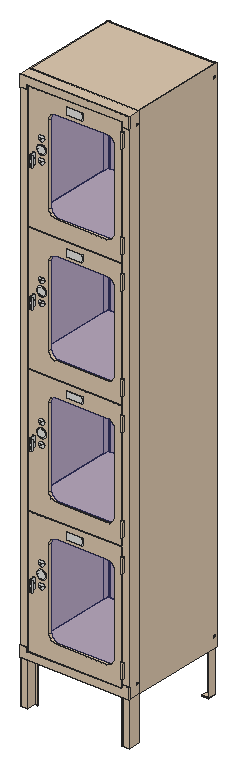
Revit family "Metal_See_Through_Lockers-Salsbury_Industries-S_54000_Series-1_Wide_Units", category Specialty Equipment, Revit 2016 (continued)
Definition of nested family "See-Through Metal Locker Doors-15 inch with Latch Hasps"
  Forms (in)
    Blend 5, solid, material <- "Hasp Plate Rivet Material", visible <- "Visible", detail levels medium+fine
      base sketch origin (0, -0.175, 0) x (1, 0, 0) y (0, 0, 1)
        loop
          circle (-4.576, 8.68) r 0.375
      top sketch origin (0, -0.175, 0) x (1, 0, 0) y (0, 0, 1)
        loop
          circle (-4.576, 8.68) r 0.09706
      from 0 to 0.03497
    Blend 6, solid, material <- "Hasp Plate Rivet Material", visible <- "Visible", detail levels medium+fine
      base sketch origin (0, -0.175, 2.83682) x (1, 0, 0) y (0, 0, 1)
        loop
          circle (-4.576, 8.68) r 0.375
      top sketch origin (0, -0.175, 2.83682) x (1, 0, 0) y (0, 0, 1)
        loop
          circle (-4.576, 8.68) r 0.09706
      from 0 to 0.03497
    Blend 7, solid, material <- "Hasp Plate Rivet Material", visible <- "Visible", detail levels medium+fine
      base sketch origin (0, -0.175, -0.16841) x (1, 0, 0) y (0, 0, 1)
        loop
          circle (-4.576, 10.26682) r 0.625
      top sketch origin (0, -0.175, -0.16841) x (1, 0, 0) y (0, 0, 1)
        loop
          circle (-4.576, 10.26682) r 0.58088
      from 0 to 0.03497
    Extrusion 8, solid, material <- "Hasp Plate Rivet Material", visible <- "Visible", detail levels medium+fine
      sketch origin (0, 0, 7.961) x (0, -1, 0) y (1, 0, 0)
        loop
          line (-0.175, -5.57527) -> (-0.175, -5.63777) -> (0.925, -5.63777)
          arc (0.925, -5.63777) -> (0.96919, -5.61946) -> (0.9875, -5.57527) r 0.0625
          line (0.9875, -5.57527) -> (0.9875, -5.26277) -> (0.93079, -5.26277) -> (0.93079, -5.5127)
          arc (0.93079, -5.5127) -> (0.91246, -5.55694) -> (0.86822, -5.57527) r 0.06257
          line (0.86822, -5.57527) -> (-0.175, -5.57527)
      from 0 to 1.438
    Extrusion 9, solid, material <- "Hasp Plate Rivet Material", visible <- "Visible", detail levels medium+fine
      sketch origin (0, 0, 7.961) x (0, -1, 0) y (1, 0, 0)
        loop
          line (-0.175, -5.70027) -> (0.9875, -5.70027) -> (0.9875, -5.63777) -> (-0.175, -5.63777) -> (-0.175, -5.70027)
      from 0 to 1.438
    Extrusion 10, void
      sketch origin (-5.513, 0, 0) x (0, 0, -1) y (0, -1, 0)
        loop
          circle (-8.68, 0.54719) r 0.375
      from 0 to 0.25
    Extrusion 11, solid, material <- "Window Panel"
      sketch origin (0, 0.175, 0) x (1, 0, 0) y (0, 0, 1)
        loop
          line (-3.7995, 15.43) -> (-3.7995, 1.93) -> (5.7005, 1.93) -> (5.7005, 15.43) -> (-3.7995, 15.43)
      from 0 to -0.25
    Extrusion 12, solid, material <- "Hasp Plate Rivet Material", detail levels medium+fine
      sketch origin (0, -0.175, 0) x (1, 0, 0) y (0, 0, 1)
        loop
          arc (-1.10309, 16.58622) -> (-1.12922, 16.12349) -> (-1.10309, 15.66075) r 4.11054
          arc (-1.10309, 15.66075) -> (-0.03462, 15.622) -> (1.03385, 15.66075) r 14.75
          arc (1.03385, 15.66075) -> (1.05998, 16.12349) -> (1.03385, 16.58622) r 4.11054
          arc (1.03385, 16.58622) -> (-0.03462, 16.6263) -> (-1.10309, 16.58622) r 14.26256
      from 0 to 0.03497
  Cuts and joins
    Extrusion 4 cuts Extrusion 1
    Extrusion 10 cuts Extrusion 8
    Extrusion 10 cuts Extrusion 9
  Lines and regions (in)
    symbolic lines
      curve 1: line (-6.4505, 0.175, 17.36) -> (6.4505, 0.175, 17.36)
      curve 2: line (-6.4505, 0.175, 0) -> (-6.4505, 0.175, 17.36)
      curve 3: line (6.4505, 0.175, 0) -> (-6.4505, 0.175, 0)
      curve 4: line (6.4505, 0.175, 17.36) -> (6.4505, 0.175, 0)
      curve 5: line (-2.5495, 0.175, 15.18) -> (4.4505, 0.175, 15.18)
      curve 6: line (5.4505, 0.175, 14.18) -> (5.4505, 0.175, 3.18)
      curve 7: line (4.4505, 0.175, 2.18) -> (-2.5495, 0.175, 2.18)
      curve 8: line (-3.5495, 0.175, 3.18) -> (-3.5495, 0.175, 14.18)
      curve 9: arc (-2.5495, 0.175, 2.18) -> (-3.25661, 0.175, 2.47289) -> (-3.5495, 0.175, 3.18) r 1
      curve 10: arc (4.4505, 0.175, 2.18) -> (5.15761, 0.175, 2.47289) -> (5.4505, 0.175, 3.18) r 1
      curve 11: arc (5.4505, 0.175, 14.18) -> (5.15761, 0.175, 14.88711) -> (4.4505, 0.175, 15.18) r 1
      curve 12: arc (-3.5495, 0.175, 14.18) -> (-3.25661, 0.175, 14.88711) -> (-2.5495, 0.175, 15.18) r 1
      curve 13: circle (-4.576, 0.175, 11.51682) r 0.375 normal (0, -1, 0)
      curve 14: circle (-4.576, 0.175, 8.68) r 0.375 normal (0, -1, 0)
      curve 15: circle (-4.576, 0.175, 10.09841) r 0.625 normal (0, -1, 0)
      curve 16: line (-5.763, 0.175, 9.399) -> (-5.26277, 0.175, 9.399)
      curve 17: line (-5.763, 0.175, 7.961) -> (-5.763, 0.175, 9.399)
      curve 18: line (-5.26277, 0.175, 7.961) -> (-5.763, 0.175, 7.961)
      curve 19: line (-5.26277, 0.175, 9.399) -> (-5.26277, 0.175, 7.961)
      curve 20: line (-5.70027, 0.175, 9.399) -> (-5.70027, 0.175, 7.961)
      curve 21: line (-5.70027, -0.175, 0) -> (-5.63777, -0.175, 0)
      curve 22: line (-5.70027, -0.9875, 0) -> (-5.70027, -0.175, 0)
      curve 23: line (-5.63777, -0.9875, 0) -> (-5.70027, -0.9875, 0)
      curve 24: line (-5.63777, -0.175, 0) -> (-5.63777, -0.9875, 0)
      curve 25: line (-5.57527, -0.17219, 0) -> (-5.57527, -0.86822, 0)
      curve 26: line (-5.5127, -0.93079, 0) -> (-5.26277, -0.93079, 0)
      curve 27: line (-5.26277, -0.93079, 0) -> (-5.26277, -0.9875, 0)
      curve 28: line (-5.26277, -0.9875, 0) -> (-5.57527, -0.9875, 0)
      curve 29: arc (-5.5127, -0.93079, 0) -> (-5.55694, -0.91246, 0) -> (-5.57527, -0.86822, 0) r 0.06257
      curve 30: arc (-5.57527, -0.9875, 0) -> (-5.61946, -0.96919, 0) -> (-5.63777, -0.925, 0) r 0.0625
      curve 31: line (-5.513, -0.9875, 9.399) -> (-5.513, -0.175, 9.399)
      curve 32: line (-5.513, -0.9875, 7.961) -> (-5.513, -0.9875, 9.399)
      curve 33: line (-5.513, -0.175, 7.961) -> (-5.513, -0.9875, 7.961)
      curve 34: line (-5.513, -0.175, 9.399) -> (-5.513, -0.175, 7.961)
      curve 35: circle (-5.513, -0.54225, 8.68) r 0.37994 normal (-1, 0, 0)
  Dimensions and locks (in)
    equal spacing: plane 5 "Top of Door", plane 4 "Center (Top/Bottom)", plane 2 "Bottom of Door"
    "Height": plane 5 "Top of Door" to plane 2 "Bottom of Door"
    equal spacing: plane 8 "Front of Door", plane 1 "Center (Front/Back)", plane 9 "Back of Door"
    "Depth": plane 8 "Front of Door" to plane 9 "Back of Door"
    equal spacing: plane 7 "Left Side of Door", plane 3 "Center (Left/Right)", plane 6 "Right Side of Door"
    "Width": plane 7 "Left Side of Door" to plane 6 "Right Side of Door"
    "Number Plate Alignment": plane 5 "Top of Door" to plane 10 "Top of Number Plate" to plane 18
    "Window Width": plane 15 "Left Side of Window Cut Out" to plane 16 "Right Side of Window Cut Out"
    "Top of Window Vertical Alignment": plane 5 "Top of Door" to plane 11 "Top of Window Cut Out"
    "Window Height": plane 11 "Top of Window Cut Out" to plane 12 "Bottom of Window Cut Out"
    plane 25 "Top Hasp Stud Align" to plane 24 "Center Hasp Stud Align" to plane 13 "Top of Hasp Alignment" to plane 4 "Center (Top/Bottom)" to plane 14 "Bottom of Hasp Alignment" = 1.41841", 0.69941", 0.719", 0.719"
    "Hasp Height": plane 13 "Top of Hasp Alignment" to plane 14 "Bottom of Hasp Alignment"
    locked: plane 17 "Front of Louvers" to plane 8 "Front of Door" at 0.1875
    "Hinge 1 Placement": plane 5 "Top of Door" to plane 21 "Top of Hinge 1"
    "Hinge 2 Placement": plane 5 "Top of Door" to plane 20 "Top of Hinge 2"
    plane 7 "Left Side of Door" to plane 22 "Left Hasp Hole Align" to plane 23 "Right Hasp Hole Align" to plane 26 "Vertical Hasp Stud Align" = 0.6875" locked, 0.250" locked, 0.937" locked
    equal spacing: plane 15 "Left Side of Window Cut Out", plane 28 "Center of Window", plane 16 "Right Side of Window Cut Out"
    locked: plane 16 "Right Side of Window Cut Out" to plane 6 "Right Side of Door" at 1
    plane 32 to plane 31 = 1.000"
    plane 29 to plane 30 = 1.000"
    plane 33 to plane 34 = 1.000"
    plane 35 to plane 36 = 1.000"
    locked: plane 12 "Bottom of Window Cut Out" to plane 39 "Bottom of Window" at 0.25
    locked: plane 37 "Left Side of Window" to plane 15 "Left Side of Window Cut Out" at 0.25
    locked: plane 16 "Right Side of Window Cut Out" to plane 38 "Right Side of Window" at 0.25
    locked: plane 40 "Top of Window" to plane 11 "Top of Window Cut Out" at 0.25
    plane 23 "Right Hasp Hole Align" to plane 41 = 0.25023"
    plane 22 "Left Hasp Hole Align" to plane 42 = 0.06273"
    plane 22 "Left Hasp Hole Align" to plane 27 "Vertical Center Hasp Align" = 0.12523"
    aligned and locked: level to plane 2 "Bottom of Door"
    aligned and locked: plane 5 "Top of Door" to Extrusion 1 sketch curve
    aligned and locked: Extrusion 1 sketch curve to plane 7 "Left Side of Door"
    aligned and locked: plane 2 "Bottom of Door" to Extrusion 1 sketch curve
    aligned and locked: plane 6 "Right Side of Door" to Extrusion 1 sketch curve
    aligned and locked: plane 13 "Top of Hasp Alignment" to Extrusion 4 sketch curve
    aligned and locked: Extrusion 4 sketch curve to plane 22 "Left Hasp Hole Align"
    aligned and locked: Extrusion 4 sketch curve to plane 14 "Bottom of Hasp Alignment"
    aligned and locked: plane 23 "Right Hasp Hole Align" to Extrusion 4 sketch curve
    aligned and locked: plane 25 "Top Hasp Stud Align" to Blend 6 sketch curve  (x2)
    aligned and locked: plane 4 "Center (Top/Bottom)" to Blend 5 sketch curve  (x2)
    aligned and locked: plane 24 "Center Hasp Stud Align" to Blend 7 sketch curve  (x2)
    aligned and locked: plane 27 "Vertical Center Hasp Align" to Extrusion 9 sketch curve
    aligned and locked: plane 27 "Vertical Center Hasp Align" to Extrusion 8 sketch curve
    aligned and locked: plane 4 "Center (Top/Bottom)" to Extrusion 10 sketch curve
    aligned and locked: plane 11 "Top of Window Cut Out" to plane 29
    aligned and locked: plane 12 "Bottom of Window Cut Out" to plane 31
    aligned and locked: plane 16 "Right Side of Window Cut Out" to plane 36
    aligned and locked: plane 15 "Left Side of Window Cut Out" to plane 33
    aligned and locked: Extrusion 1 sketch curve to plane 29
    aligned and locked: Extrusion 1 sketch curve to plane 30
    aligned and locked: Extrusion 1 sketch curve to plane 33
    aligned and locked: Extrusion 1 sketch curve to plane 34
    aligned and locked: plane 29 to Extrusion 1 sketch curve
    aligned and locked: plane 30 to Extrusion 1 sketch curve
    aligned and locked: Extrusion 1 sketch curve to plane 36
    aligned and locked: Extrusion 1 sketch curve to plane 35
    aligned and locked: Extrusion 1 sketch curve to plane 31
    aligned and locked: Extrusion 1 sketch curve to plane 32
    aligned and locked: plane 33 to Extrusion 1 sketch curve
    aligned and locked: plane 34 to Extrusion 1 sketch curve
    aligned and locked: plane 31 to Extrusion 1 sketch curve
    aligned and locked: plane 32 to Extrusion 1 sketch curve
    aligned and locked: plane 36 to Extrusion 1 sketch curve
    aligned and locked: plane 35 to Extrusion 1 sketch curve
    aligned and locked: cut or joined group of Extrusion 1, Extrusion 4 to plane 8 "Front of Door"
    aligned and locked: cut or joined group of Extrusion 1, Extrusion 4 to plane 9 "Back of Door"
    aligned and locked: plane 41 to cut or joined group of Extrusion 8, Extrusion 10
    aligned and locked: plane 42 to cut or joined group of Extrusion 9, Extrusion 10
    aligned and locked: plane 6 "Right Side of Door" to curve 4
    aligned and locked: plane 2 "Bottom of Door" to curve 3
    aligned and locked: curve 2 to plane 7 "Left Side of Door"
    aligned and locked: plane 5 "Top of Door" to curve 1
    aligned and locked: plane 11 "Top of Window Cut Out" to curve 5
    aligned and locked: curve 8 to plane 15 "Left Side of Window Cut Out"
    aligned and locked: plane 16 "Right Side of Window Cut Out" to curve 6
    aligned and locked: curve 7 to plane 12 "Bottom of Window Cut Out"
    aligned and locked: plane 41 to curve 19
    aligned and locked: curve 17 to plane 22 "Left Hasp Hole Align"
    aligned and locked: plane 13 "Top of Hasp Alignment" to curve 16
    aligned and locked: curve 18 to plane 14 "Bottom of Hasp Alignment"
    aligned and locked: plane 13 "Top of Hasp Alignment" to curve 20
    aligned and locked: plane 14 "Bottom of Hasp Alignment" to curve 20
    aligned and locked: plane 42 to curve 20
    aligned and locked: plane 8 "Front of Door" to curve 21
    aligned and locked: curve 22 to plane 42
    aligned and locked: plane 27 "Vertical Center Hasp Align" to curve 24
    aligned and locked: curve 25 to cut or joined group of Extrusion 8, Extrusion 10
    aligned and locked: curve 26 to cut or joined group of Extrusion 8, Extrusion 10
    aligned and locked: curve 27 to cut or joined group of Extrusion 8, Extrusion 10
    aligned and locked: curve 28 to cut or joined group of Extrusion 8, Extrusion 10
    aligned and locked: curve 34 to plane 8 "Front of Door"
    aligned and locked: curve 32 to cut or joined group of Extrusion 8, Extrusion 10
    aligned and locked: plane 13 "Top of Hasp Alignment" to curve 31
    aligned and locked: curve 33 to plane 14 "Bottom of Hasp Alignment"
  Automatic sketch dimensions
    Extrusion 2 sketch curve to plane 6 "Right Side of Door" = 0.000"
    plane 8 "Front of Door" to Extrusion 2 sketch curve = 0.000"
    Extrusion 2 sketch curve to plane 17 "Front of Louvers" = 0.0625"
    Extrusion 2 sketch curve to plane 6 "Right Side of Door" = 0.125"
    Extrusion 3 sketch curve to plane 6 "Right Side of Door" = 0.000"
    plane 8 "Front of Door" to Extrusion 3 sketch curve = 0.000"
    Extrusion 3 sketch curve to plane 17 "Front of Louvers" = 0.0625"
    Extrusion 3 sketch curve to plane 6 "Right Side of Door" = 0.125"
    plane 26 "Vertical Hasp Stud Align" to Blend 5 sketch curve = 0.000"  (x2)
    plane 26 "Vertical Hasp Stud Align" to Blend 6 sketch curve = 0.000"  (x2)
    Extrusion 8 sketch curve to plane 1 "Center (Front/Back)" = 0.175"
    plane 23 "Right Hasp Hole Align" to Extrusion 8 sketch curve = 0.06227"
    Extrusion 8 sketch curve to plane 23 "Right Hasp Hole Align" = 0.0003"
    plane 17 "Front of Louvers" to Extrusion 8 sketch curve = 0.50572"
    Extrusion 8 sketch curve to Extrusion 8 sketch curve = 0.05678"
    Extrusion 8 sketch curve to Extrusion 8 sketch curve = 0.24993"
    plane 9 "Back of Door" to Extrusion 9 sketch curve = 0.000"
    plane 17 "Front of Louvers" to Extrusion 9 sketch curve = 0.625"
    Extrusion 9 sketch curve to plane 22 "Left Hasp Hole Align" = 0.06273"
    Extrusion 8 sketch curve to Extrusion 8 sketch curve = 0.06257"
    plane 17 "Front of Louvers" to Extrusion 10 sketch curve = 0.18469"
    plane 26 "Vertical Hasp Stud Align" to Blend 7 sketch curve = 0.000"  (x2)
    plane 37 "Left Side of Window" to Extrusion 11 sketch curve = 0.000"
    plane 38 "Right Side of Window" to Extrusion 11 sketch curve = 0.000"
    Extrusion 11 sketch curve to plane 39 "Bottom of Window" = 0.000"
    plane 40 "Top of Window" to Extrusion 11 sketch curve = 0.000"
    plane 21 "Top of Hinge 1" to Extrusion 12 sketch curve = 0.11151"  (x2)
    Extrusion 12 sketch curve to plane 15 "Left Side of Window Cut Out" = 0.49894"
    Extrusion 12 sketch curve to plane 3 "Center (Left/Right)" = 0.03462"  (x2)
    Extrusion 12 sketch curve to plane 28 "Center of Window" = 2.03082"
    Extrusion 12 sketch curve to plane 12 "Bottom of Window Cut Out" = 0.18374"
    Extrusion 12 sketch curve to plane 5 "Top of Door" = 13.012"
    plane 10 "Top of Number Plate" to Extrusion 12 sketch curve = 0.03578"  (x2)
    Extrusion 12 sketch curve to plane 19 "Center Hasp" = 0.67241"
    Extrusion 12 sketch curve to plane 18 = 0.03875"
    curve 14 to plane 4 "Center (Top/Bottom)" = 0.000"
    plane 26 "Vertical Hasp Stud Align" to curve 14 = 0.000"
    curve 13 to plane 25 "Top Hasp Stud Align" = 0.000"
    plane 26 "Vertical Hasp Stud Align" to curve 13 = 0.000"
    curve 15 to plane 24 "Center Hasp Stud Align" = 0.000"
    plane 26 "Vertical Hasp Stud Align" to curve 15 = 0.000"
    plane 19 "Center Hasp" to curve 12 = 0.774"
    plane 20 "Top of Hinge 2" to curve 9 = 0.038"
    plane 11 "Top of Window Cut Out" to curve 11 = 1.000"
    plane 20 "Top of Hinge 2" to curve 10 = 0.038"
    curve 30 to curve 29 = 0.000"
    curve 29 to plane 23 "Right Hasp Hole Align" = 0.0003"
    curve 22 to curve 28 = 0.000"
    curve 25 to plane 8 "Front of Door" = 0.00281"
    plane 4 "Center (Top/Bottom)" to curve 35 = 0.000"
    plane 17 "Front of Louvers" to curve 35 = 0.17975"
    radius of Blend 5 sketch curve = 0.375"
    radius of Blend 5 sketch curve = 0.09706"
    radius of Blend 6 sketch curve = 0.375"
    radius of Blend 6 sketch curve = 0.09706"
    radius of Extrusion 10 sketch curve = 0.375"
    radius of Blend 7 sketch curve = 0.625"
    radius of Blend 7 sketch curve = 0.58088"
    radius of curve 13 = 0.375"
    radius of curve 14 = 0.375"
    radius of curve 15 = 0.625"
    radius of curve 35 = 0.37994"
Definition of nested family "Metal Locker Front Base"
  Parameters (values of type "77745 - for 15" W Lockers with Legs")
    Width = 13.040"
    Visible [instance] = yes
    Version = "1.0 (11/30/15)"
    Type Comments = "Front Base for Standard Metal Lockers"
    Primary Structure Material = none
    Model = "77745"
    MasterFormat Title = ""
    MasterFormat Number = ""
    Manufacturer = "Salsbury Industries"
    Description = "Front Base for 15\" Wide Lockers"
    Depth = 1.185"
    Height = 6.000"
    Assembly Code = ""
  Types (3): name | Width | Visible | Model | Description
    77742 - for 12" W Lockers with Legs | 10.040" | yes | "77742" | "Front Base for 12\" Wide Lockers"
    77745 - for 15" W Lockers with Legs | 13.040" | yes | "77745" | "Front Base for 15\" Wide Lockers"
    None | 10.040" | no | "77742" | "Front Base for 12\" Wide Lockers"
  Reference planes (in)
    plane 1 "Center (Front/Back)": y = -5.417
    plane 2: z = 0
    plane 3 "Center (Left/Right)": x = 0
    plane 4 "Floor": z = 0
    plane 5 "Top of Enclosure": z = 6
    plane 6 "Front of Enclosure": y = -6.005
    plane 7 "Right Side of Enclosure": x = 6.52
    plane 8 "Left Side of Enclosure": x = -6.52
    plane 9 "Back of Enclosure": y = -4.82
  Forms (in)
    Extrusion 1, solid, material <- "Primary Structure Material", visible <- "Visible"
      sketch origin (0, -6.005, 0) x (1, 0, 0) y (0, 0, 1)
        loop
          line (-6.52, 6) -> (-6.52, 0) -> (6.52, 0) -> (6.52, 6) -> (-6.52, 6)
      from -0.06 to 0
    Extrusion 2, solid, material <- "Primary Structure Material", visible <- "Visible"
      sketch origin (0, 0, 0) x (0, 1, 0) y (0, 0, 1)
        loop
          line (-5.945, 6) -> (-5.945, 5.94) -> (-4.82, 5.94) -> (-4.82, 6) -> (-5.945, 6)
      from -6.52 to 6.52
    Extrusion 3, solid, material <- "Primary Structure Material", visible <- "Visible"
      sketch origin (6.52, 0, 0) x (0, 0, -1) y (0, -1, 0)
        loop
          line (-5.75, 5.945) -> (-5.75, 4.82) -> (-0.25, 4.82) -> (-0.25, 5.945) -> (-5.75, 5.945)
      from 0 to 0.06
    Extrusion 4, solid, material <- "Primary Structure Material", visible <- "Visible"
      sketch origin (-6.52, 0, 0) x (0, 0, -1) y (0, -1, 0)
        loop
          line (-5.75, 5.945) -> (-5.75, 4.82) -> (-0.25, 4.82) -> (-0.25, 5.945) -> (-5.75, 5.945)
      from 0 to -0.06
  Dimensions and locks (in)
    "Height": plane 5 "Top of Enclosure" to plane 4 "Floor"
    plane 6 "Front of Enclosure" to plane 1 "Center (Front/Back)" = 0.588"
    "Depth": plane 6 "Front of Enclosure" to plane 9 "Back of Enclosure"
    equal spacing: plane 8 "Left Side of Enclosure", plane 3 "Center (Left/Right)", plane 7 "Right Side of Enclosure"
    "Width": plane 8 "Left Side of Enclosure" to plane 7 "Right Side of Enclosure"
    aligned and locked: level to plane 2
    aligned and locked: plane 8 "Left Side of Enclosure" to Extrusion 2
    aligned and locked: Extrusion 2 to plane 7 "Right Side of Enclosure"
    aligned and locked: Extrusion 1 to plane 7 "Right Side of Enclosure"
  Automatic sketch dimensions
    Extrusion 1 sketch curve to Extrusion 1 sketch curve = 13.040"
    Extrusion 1 sketch curve to Extrusion 1 sketch curve = 6.000"
    Extrusion 2 sketch curve to Extrusion 2 sketch curve = 1.125"
    Extrusion 2 sketch curve to Extrusion 2 sketch curve = 0.060"
    Extrusion 3 sketch curve to Extrusion 3 sketch curve = 5.500"
    Extrusion 3 sketch curve to Extrusion 3 sketch curve = 1.125"
    Extrusion 4 sketch curve to Extrusion 4 sketch curve = 5.500"
    Extrusion 4 sketch curve to Extrusion 4 sketch curve = 1.125"
    Extrusion 1 sketch curve to level = 0.000"
    plane 8 "Left Side of Enclosure" to Extrusion 1 sketch curve = 0.000"
    plane 5 "Top of Enclosure" to Extrusion 2 sketch curve = 0.000"
    Extrusion 2 sketch curve to plane 9 "Back of Enclosure" = 0.000"
    Extrusion 3 sketch curve to plane 9 "Back of Enclosure" = 0.000"
    plane 5 "Top of Enclosure" to Extrusion 3 sketch curve = 0.250"
    Extrusion 4 sketch curve to plane 9 "Back of Enclosure" = 0.000"
    plane 5 "Top of Enclosure" to Extrusion 4 sketch curve = 0.250"
Definition of nested family "Metal Locker Right Side Base"
  Parameters (values of type "77732 Right - for 12" D Lockers with Legs")
    Width including Rivet [instance] = 1.290"
    Visible = yes
    Primary Structure Material = none
    Depth = 10.422"
    Version = "1.0 (11/30/15)"
    Type Comments = "End Base for Standard Metal Lockers"
    Model = "77732"
    MasterFormat Title = ""
    MasterFormat Number = ""
    Manufacturer = "Salsbury Industries"
    Description = "1.25\"W x 6\" H x 10\"D"
    Width = 1.250"
    Height = 6.000"
    Assembly Code = ""
  Types (4): name | Visible | Depth | Model | Description
    77732 Right - for 12" D Lockers with Legs | yes | 10.422" | "77732" | "1.25\"W x 6\" H x 10\"D"
    77735 Right - for 15" D Lockers with Legs | yes | 13.422" | "77735" | "1.25\"W x 6\" H x 13\"D"
    77738 Right - for 18" D Lockers with Legs | yes | 16.422" | "77738" | "1.25\"W x 6\" H x 16\"D"
    None | no | 10.422" | "" | ""
  Reference planes (in)
    plane 1 "Center (Front/Back)": y = 0
    plane 2: z = 0
    plane 3 "Center (Left/Right)": x = 5.395
    plane 4 "Floor": z = 0
    plane 5 "Top of Enclosure": z = 6
    plane 6 "Left Side of Unit": x = 4.77
    plane 7 "Right Side of Unit": x = 6.02
    plane 8 "Left Edge of Enclosure": y = -5.211
    plane 9 "Right Edge of Enclosure": y = 5.211
    plane 10 "Left Edge of Insert": y = -6.27647
    plane 11 "Right Edge of Insert": y = -5.15147
    plane 12 "Rivet Edge": x = 6.06
  Forms (in)
    Extrusion 1, solid, material <- "Primary Structure Material", visible <- "Visible"
      sketch origin (6.02, 0, 0) x (0, 0, -1) y (0, -1, 0)
        loop
          line (-6, 5.211) -> (-6, -5.211) -> (0, -5.211) -> (0, 5.211) -> (-6, 5.211)
      from 0 to 0.06
    Extrusion 2, solid, material <- "Primary Structure Material", visible <- "Visible"
      sketch origin (0, 0, 6) x (0, -1, 0) y (1, 0, 0)
        loop
          line (5.15147, 5.96) -> (5.15147, 5.9) -> (6.27647, 5.9) -> (6.27647, 5.96) -> (5.15147, 5.96)
      from -6 to 0
    Extrusion 3, solid, material <- "Primary Structure Material", visible <- "Visible"
      sketch origin (6.02, 0, 0) x (0, 0, -1) y (0, -1, 0)
        loop
          line (-6, 4.90147) -> (-6, -3.961) -> (-5.94, -3.961) -> (-5.94, 4.90147) -> (-6, 4.90147)
      from 0.06 to 1.25
    Extrusion 4, solid, material <- "Primary Structure Material", visible <- "Visible"
      sketch origin (6.02, 0, -5.94) x (0, 0, -1) y (0, -1, 0)
        loop
          line (-6, 4.90147) -> (-6, -3.961) -> (-5.94, -3.961) -> (-5.94, 4.90147) -> (-6, 4.90147)
      from 0.06 to 1.25
  Dimensions and locks (in)
    "Height": plane 5 "Top of Enclosure" to plane 4 "Floor"
    plane 10 "Left Edge of Insert" to plane 8 "Left Edge of Enclosure" to plane 11 "Right Edge of Insert" = 1.06547" locked, 0.05953" locked
    equal spacing: plane 8 "Left Edge of Enclosure", plane 1 "Center (Front/Back)", plane 9 "Right Edge of Enclosure"
    "Depth": plane 8 "Left Edge of Enclosure" to plane 9 "Right Edge of Enclosure"
    equal spacing: plane 6 "Left Side of Unit", plane 3 "Center (Left/Right)", plane 7 "Right Side of Unit"
    "Width": plane 6 "Left Side of Unit" to plane 7 "Right Side of Unit"
    locked: plane 7 "Right Side of Unit" to plane 12 "Rivet Edge" at 0.04
    "Width including Rivet": plane 6 "Left Side of Unit" to plane 12 "Rivet Edge"
    aligned and locked: level to plane 2
    aligned and locked: plane 11 "Right Edge of Insert" to Extrusion 2
    aligned and locked: plane 10 "Left Edge of Insert" to Extrusion 2
    aligned and locked: Extrusion 3 to Extrusion 1
    aligned and locked: plane 6 "Left Side of Unit" to Extrusion 3
  Automatic sketch dimensions
    plane 5 "Top of Enclosure" to Extrusion 1 sketch curve = 0.000"
    Extrusion 1 sketch curve to level = 0.000"
    Extrusion 2 sketch curve to plane 8 "Left Edge of Enclosure" = 0.05953"
    plane 7 "Right Side of Unit" to Extrusion 2 sketch curve = 0.120"
    Extrusion 2 sketch curve to Extrusion 2 sketch curve = 0.060"
    Extrusion 1 sketch curve to plane 8 "Left Edge of Enclosure" = 0.000"
    Extrusion 1 sketch curve to plane 9 "Right Edge of Enclosure" = 0.000"
    plane 10 "Left Edge of Insert" to Extrusion 2 sketch curve = 0.000"
    plane 5 "Top of Enclosure" to Extrusion 3 sketch curve = 0.000"
    Extrusion 3 sketch curve to Extrusion 3 sketch curve = 0.060"
    plane 9 "Right Edge of Enclosure" to Extrusion 3 sketch curve = 1.250"
    Extrusion 3 sketch curve to plane 11 "Right Edge of Insert" = 0.250"
    Extrusion 4 sketch curve to level = 0.000"
    level to Extrusion 4 sketch curve = 0.060"
    plane 9 "Right Edge of Enclosure" to Extrusion 4 sketch curve = 1.250"
    Extrusion 4 sketch curve to plane 11 "Right Edge of Insert" = 0.250"
Definition of nested family "Metal Locker Left Side Base"
  Parameters (values of type "77732 Left - for 12" D Lockers with Legs")
    Width including Rivet [instance] = 1.290"
    Visible = yes
    Primary Structure Material = none
    Depth = 10.422"
    Version = "1.0 (11/30/15)"
    Type Comments = "End Base for Standard Metal Lockers"
    Model = "77732"
    MasterFormat Title = ""
    MasterFormat Number = ""
    Manufacturer = "Salsbury Industries"
    Description = "1.25\"W x 6\" H x 10\"D"
    Width = 1.250"
    Height = 6.000"
    Assembly Code = ""
  Types (4): name | Visible | Depth | Model | Description
    77732 Left - for 12" D Lockers with Legs | yes | 10.422" | "77732" | "1.25\"W x 6\" H x 10\"D"
    77735 Left - for 15" D Lockers with Legs | yes | 13.422" | "77735" | "1.25\"W x 6\" H x 13\"D"
    77738 Left - for 18" D Lockers with Legs | yes | 16.422" | "77738" | "1.25\"W x 6\" H x 16\"D"
    None | no | 10.422" | "" | ""
  Reference planes (in)
    plane 1 "Center (Front/Back)": y = 0
    plane 2: z = 0
    plane 3 "Center (Left/Right)": x = 5.395
    plane 4 "Floor": z = 0
    plane 5 "Top of Enclosure": z = 6
    plane 6 "Left Side of Unit": x = 4.77
    plane 7 "Right Side of Unit": x = 6.02
    plane 8 "Left Edge of Enclosure": y = -5.211
    plane 9 "Right Edge of Enclosure": y = 5.211
    plane 10 "Left Edge of Insert": y = -6.27647
    plane 11 "Right Edge of Insert": y = -5.15147
    plane 12 "Edge of Rivet": x = 4.73
  Forms (in)
    Extrusion 1, solid, material <- "Primary Structure Material", visible <- "Visible"
      sketch origin (6.02, 0, 0) x (0, 0, -1) y (0, -1, 0)
        loop
          line (-6, 4.90147) -> (-6, -3.961) -> (-5.94, -3.961) -> (-5.94, 4.90147) -> (-6, 4.90147)
      from 0 to 1.19
    Extrusion 2, solid, material <- "Primary Structure Material", visible <- "Visible"
      sketch origin (6.02, 0, -5.94) x (0, 0, -1) y (0, -1, 0)
        loop
          line (-6, 4.90147) -> (-6, -3.961) -> (-5.94, -3.961) -> (-5.94, 4.90147) -> (-6, 4.90147)
      from 0 to 1.19
    Extrusion 3, solid, material <- "Primary Structure Material", visible <- "Visible"
      sketch origin (4.77, 0, 0) x (0, 0, -1) y (0, 1, 0)
        loop
          line (-6, -5.211) -> (0, -5.211) -> (0, 5.211) -> (-6, 5.211) -> (-6, -5.211)
      from 0 to 0.06
    Extrusion 4, solid, material <- "Primary Structure Material", visible <- "Visible"
      sketch origin (10.79, 0, 6) x (0, -1, 0) y (1, 0, 0)
        loop
          line (5.15147, -5.96) -> (6.27647, -5.96) -> (6.27647, -5.9) -> (5.15147, -5.9) -> (5.15147, -5.96)
      from -6 to 0
  Dimensions and locks (in)
    "Height": plane 5 "Top of Enclosure" to plane 4 "Floor"
    plane 10 "Left Edge of Insert" to plane 8 "Left Edge of Enclosure" to plane 11 "Right Edge of Insert" = 1.06547" locked, 0.05953" locked
    equal spacing: plane 8 "Left Edge of Enclosure", plane 1 "Center (Front/Back)", plane 9 "Right Edge of Enclosure"
    "Depth": plane 8 "Left Edge of Enclosure" to plane 9 "Right Edge of Enclosure"
    equal spacing: plane 6 "Left Side of Unit", plane 3 "Center (Left/Right)", plane 7 "Right Side of Unit"
    "Width": plane 6 "Left Side of Unit" to plane 7 "Right Side of Unit"
    "Width including Rivet": plane 12 "Edge of Rivet" to plane 7 "Right Side of Unit"
    plane 12 "Edge of Rivet" to plane 6 "Left Side of Unit" = 0.040"
    aligned and locked: level to plane 2
    aligned and locked: Extrusion 1 to Extrusion 3
    aligned and locked: Extrusion 2 to Extrusion 3
  Automatic sketch dimensions
    plane 5 "Top of Enclosure" to Extrusion 1 sketch curve = 0.000"
    Extrusion 1 sketch curve to Extrusion 1 sketch curve = 0.060"
    plane 9 "Right Edge of Enclosure" to Extrusion 1 sketch curve = 1.250"
    Extrusion 1 sketch curve to plane 11 "Right Edge of Insert" = 0.250"
    Extrusion 2 sketch curve to level = 0.000"
    level to Extrusion 2 sketch curve = 0.060"
    plane 9 "Right Edge of Enclosure" to Extrusion 2 sketch curve = 1.250"
    Extrusion 2 sketch curve to plane 11 "Right Edge of Insert" = 0.250"
    plane 5 "Top of Enclosure" to Extrusion 3 sketch curve = 0.000"
    Extrusion 3 sketch curve to level = 0.000"
    Extrusion 3 sketch curve to plane 8 "Left Edge of Enclosure" = 0.000"
    Extrusion 3 sketch curve to plane 9 "Right Edge of Enclosure" = 0.000"
    plane 11 "Right Edge of Insert" to Extrusion 4 sketch curve = 0.000"
    plane 10 "Left Edge of Insert" to Extrusion 4 sketch curve = 0.000"
    plane 6 "Left Side of Unit" to Extrusion 4 sketch curve = 0.120"
    Extrusion 4 sketch curve to Extrusion 4 sketch curve = 0.060"
Definition of nested family "Metal Locker Zee Base"
  Parameters (values of type "77575 - 15"W x 15"D")
    Width = 15.040"
    Visible = yes
    Version = "1.0 (11/30/15)"
    Type Comments = "Zee Base Kit for Standard Metal Lockers - No Legs"
    Primary Structure Material = none
    Model = "77575"
    MasterFormat Title = ""
    MasterFormat Number = ""
    Manufacturer = "Salsbury Industries"
    Description = "4\" H x 6' L - for 12\" Deep Lockers (Includes 6 Foot Front Base, 2 End Bases, Corner Splicer and 4 Rear Legs)"
    Depth = 15.010"
    Height = 4.000"
    Assembly Code = ""
  Types (7): name | Width | Visible | Model | Depth
    77572- 12" W x 12" D | 12.040" | yes | "77572" | 12.010"
    77575 - 12" W x 15" D | 12.040" | yes | "77575" | 15.010"
    77578 - 12"W x 18"D | 12.040" | yes | "77578" | 18.010"
    77575 - 15"W x 15"D | 15.040" | yes | "77575" | 15.010"
    77578 - 15"W x 18"D | 15.040" | yes | "77578" | 18.010"
    None | 12.040" | no | "77572" | 12.010"
    77578 - 12"W x 18" D (Bridge) | 12.007" | yes | "77578" | 18.010"
  Reference planes (in)
    plane 1 "Center (Front/Back)": y = 0
    plane 2: z = 0
    plane 3 "Center (Left/Right)": x = 0
    plane 4 "Floor": z = 0
    plane 5 "Bottom of Unit": z = 4
    plane 6 "Left Side of Unit": x = -7.52
    plane 7 "Right Side of Unit": x = 7.52
    plane 8 "Back of Unit": y = 7.505
    plane 9 "Front of Unit": y = -7.505
    plane 10 "Right Side of Door Opening": x = 6.52
    plane 11 "Left Side of Door Opening": x = -6.52
    plane 12 "Top of back legs": z = 4.185
    plane 13 "Back Edge of Front Facing": y = -5.917
    plane 14 "Inside Edge of Front Leg": x = -6.08
    plane 15 "Inside Edge of Right Leg": x = 6.08
    plane 16: y = -6.32
    plane 17 "Back Edge of Rear Legs": y = 7.395
    plane 18 "Right Edge of Rear Right Leg": x = 7.4
    plane 19 "Left Edge or Rear Left Leg": x = -7.4
    plane 20: y = 6.395
    plane 21 "Inside Edge or Rear Right Leg": x = 6.4
    plane 22 "Inside Edge or Left Rear Leg": x = -6.4
  Forms (in)
    Extrusion 1, solid, material <- "Primary Structure Material", visible <- "Visible"
      sketch origin (0, 0, 0) x (0, -1, 0) y (1, 0, 0)
        loop
          line (-7.395, 7.4) -> (-7.395, 6.4) -> (-7.335, 6.4) -> (-7.335, 7.34) -> (-6.395, 7.34) -> (-6.395, 7.4) -> (-7.395, 7.4)
      from 0.06 to 4.185
    Extrusion 2, solid, material <- "Primary Structure Material", visible <- "Visible"
      sketch origin (0, 0, 0) x (0, -1, 0) y (1, 0, 0)
        loop
          line (-7.395, 7.4) -> (-7.395, 6.4) -> (-6.395, 6.4) -> (-6.395, 7.4) -> (-7.395, 7.4)
      from 0 to 0.06
    Extrusion 3, solid, material <- "Primary Structure Material", visible <- "Visible"
      sketch origin (0, 0, 0) x (0, -1, 0) y (1, 0, 0)
        loop
          line (-7.395, -7.4) -> (-6.395, -7.4) -> (-6.395, -7.34) -> (-7.335, -7.34) -> (-7.335, -6.4) -> (-7.395, -6.4) -> (-7.395, -7.4)
      from 0.06 to 4.185
    Extrusion 4, solid, material <- "Primary Structure Material", visible <- "Visible"
      sketch origin (0, 0, 0) x (0, -1, 0) y (1, 0, 0)
        loop
          line (-7.395, -7.4) -> (-6.395, -7.4) -> (-6.395, -6.4) -> (-7.395, -6.4) -> (-7.395, -7.4)
      from 0 to 0.06
    Extrusion 5, solid, material <- "Primary Structure Material", visible <- "Visible"
      sketch origin (0, 0, 0) x (0, 1, 0) y (0, 0, 1)
        loop
          line (-7.505, 4) -> (-7.505, 3.94) -> (-5.917, 3.94) -> (-5.917, 0) -> (-4.269, 0) -> (-4.269, 0.06) -> (-5.857, 0.06) -> (-5.857, 4) -> (-7.505, 4)
      from -7.52 to 7.52
  Dimensions and locks (in)
    equal spacing: plane 6 "Left Side of Unit", plane 3 "Center (Left/Right)", plane 7 "Right Side of Unit"
    "Width": plane 6 "Left Side of Unit" to plane 7 "Right Side of Unit"
    "Height": plane 5 "Bottom of Unit" to plane 4 "Floor"
    equal spacing: plane 9 "Front of Unit", plane 1 "Center (Front/Back)", plane 8 "Back of Unit"
    "Depth": plane 9 "Front of Unit" to plane 8 "Back of Unit"
    plane 12 "Top of back legs" to plane 5 "Bottom of Unit" = 0.185"
    plane 6 "Left Side of Unit" to plane 11 "Left Side of Door Opening" = 1.000"
    plane 10 "Right Side of Door Opening" to plane 7 "Right Side of Unit" = 1.000"
    locked: plane 9 "Front of Unit" to plane 13 "Back Edge of Front Facing" at 1.588
    plane 11 "Left Side of Door Opening" to plane 14 "Inside Edge of Front Leg" = 0.440"
    plane 15 "Inside Edge of Right Leg" to plane 10 "Right Side of Door Opening" = 0.440"
    plane 9 "Front of Unit" to plane 16 = 1.185"
    plane 15 "Inside Edge of Right Leg" to plane 21 "Inside Edge or Rear Right Leg" to plane 10 "Right Side of Door Opening" to plane 18 "Right Edge of Rear Right Leg" to plane 7 "Right Side of Unit" = 0.320", 0.120", 0.880", 0.120"
    plane 6 "Left Side of Unit" to plane 19 "Left Edge or Rear Left Leg" to plane 11 "Left Side of Door Opening" to plane 22 "Inside Edge or Left Rear Leg" to plane 14 "Inside Edge of Front Leg" = 0.120", 0.880", 0.120", 0.320"
    plane 20 to plane 17 "Back Edge of Rear Legs" to plane 8 "Back of Unit" = 1.000", 0.110"
    aligned and locked: level to plane 2
    aligned and locked: Extrusion 1 to Extrusion 2
    aligned and locked: Extrusion 4 to Extrusion 3
    aligned and locked: Extrusion 1 to plane 18 "Right Edge of Rear Right Leg"
    aligned and locked: Extrusion 1 to plane 17 "Back Edge of Rear Legs"
    aligned and locked: Extrusion 3 to plane 19 "Left Edge or Rear Left Leg"
    aligned and locked: Extrusion 3 to plane 17 "Back Edge of Rear Legs"
    aligned and locked: Extrusion 1 to plane 12 "Top of back legs"
    aligned and locked: Extrusion 3 to plane 12 "Top of back legs"
    aligned and locked: Extrusion 5 to plane 7 "Right Side of Unit"
    aligned and locked: plane 6 "Left Side of Unit" to Extrusion 5
  Automatic sketch dimensions
    plane 17 "Back Edge of Rear Legs" to Extrusion 1 sketch curve = 0.000"
    Extrusion 1 sketch curve to plane 21 "Inside Edge or Rear Right Leg" = 0.000"
    Extrusion 1 sketch curve to plane 18 "Right Edge of Rear Right Leg" = 0.000"
    plane 20 to Extrusion 1 sketch curve = 0.000"
    plane 17 "Back Edge of Rear Legs" to Extrusion 1 sketch curve = 0.060"
    plane 18 "Right Edge of Rear Right Leg" to Extrusion 1 sketch curve = 0.060"
    plane 17 "Back Edge of Rear Legs" to Extrusion 2 sketch curve = 0.000"
    Extrusion 2 sketch curve to plane 18 "Right Edge of Rear Right Leg" = 0.000"
    plane 20 to Extrusion 2 sketch curve = 0.000"
    Extrusion 2 sketch curve to plane 21 "Inside Edge or Rear Right Leg" = 0.000"
    plane 17 "Back Edge of Rear Legs" to Extrusion 3 sketch curve = 0.000"
    Extrusion 3 sketch curve to plane 22 "Inside Edge or Left Rear Leg" = 0.000"
    Extrusion 3 sketch curve to plane 19 "Left Edge or Rear Left Leg" = 0.000"
    plane 20 to Extrusion 3 sketch curve = 0.000"
    Extrusion 3 sketch curve to plane 17 "Back Edge of Rear Legs" = 0.060"
    Extrusion 3 sketch curve to plane 19 "Left Edge or Rear Left Leg" = 0.060"
    plane 17 "Back Edge of Rear Legs" to Extrusion 4 sketch curve = 0.000"
    Extrusion 4 sketch curve to plane 19 "Left Edge or Rear Left Leg" = 0.000"
    plane 20 to Extrusion 4 sketch curve = 0.000"
    Extrusion 4 sketch curve to plane 22 "Inside Edge or Left Rear Leg" = 0.000"
    Extrusion 5 sketch curve to plane 9 "Front of Unit" = 0.000"
    Extrusion 5 sketch curve to level = 0.000"
    Extrusion 5 sketch curve to plane 13 "Back Edge of Front Facing" = 0.000"
    plane 5 "Bottom of Unit" to Extrusion 5 sketch curve = 0.000"
    Extrusion 5 sketch curve to plane 13 "Back Edge of Front Facing" = 0.060"
    Extrusion 5 sketch curve to Extrusion 5 sketch curve = 1.588"
    level to Extrusion 5 sketch curve = 0.060"
    plane 5 "Bottom of Unit" to Extrusion 5 sketch curve = 0.060"
Definition of nested family "Metal Locker Zee Base-Right Side"
  Parameters (values of type "77578 Right - 18" D")
    Width including Rivet [instance] = 1.290"
    Visible = yes
    Primary Structure Material = none
    Depth = 16.362"
    Version = "1.0 (11/30/15)"
    Type Comments = "Zee Base Kit for Standard Metal Lockers - No Legs"
    Model = "77578"
    MasterFormat Title = ""
    MasterFormat Number = ""
    Manufacturer = "Salsbury Industries"
    Description = "4\" H x 6' L - for 12\" Deep Lockers (Includes 6 Foot Front Base, 2 End Bases, Corner Splicer and 4 Rear Legs)"
    Width = 4.000"
    Height = 4.000"
    Assembly Code = ""
  Types (4): name | Visible | Depth | Type Comments | Model | Description
    77572 Right - 12" D | yes | 10.362" | "Zee Base Kit for Standard Metal Lockers - No Legs" | "77572" | "4\" H x 6' L - for 12\" Deep Lockers (Includes 6 Foot Front Base, 2 End Bases, Corner Splicer and 4 Rear Legs)"
    77575 Right - 15" D | yes | 13.362" | "Zee Base Kit for Standard Metal Lockers - No Legs" | "77575" | "4\" H x 6' L - for 12\" Deep Lockers (Includes 6 Foot Front Base, 2 End Bases, Corner Splicer and 4 Rear Legs)"
    77578 Right - 18" D | yes | 16.362" | "Zee Base Kit for Standard Metal Lockers - No Legs" | "77578" | "4\" H x 6' L - for 12\" Deep Lockers (Includes 6 Foot Front Base, 2 End Bases, Corner Splicer and 4 Rear Legs)"
    None | no | 10.362" | "End Base for Standard Metal Lockers" | "" | ""
  Reference planes (in)
    plane 1 "Center (Front/Back)": y = 0
    plane 2: z = 0
    plane 3 "Center (Left/Right)": x = 3.99
    plane 4 "Floor": z = 0
    plane 5 "Top of Enclosure": z = 4
    plane 6 "Left Edge of Insert": x = 4.77
    plane 7 "Right Side of Unit": x = 5.99
    plane 8 "Left Edge of Enclosure": y = -8.181
    plane 9 "Right Edge of Enclosure": y = 8.181
    plane 10 "Bottom Edge of Enclosure": z = 0.06
    plane 11 "Left Edge of Base": x = 1.99
  Forms (in)
    Extrusion 1, solid, material <- "Primary Structure Material", visible <- "Visible"
      sketch origin (5.99, 0, 0) x (0, 0, -1) y (0, -1, 0)
        loop
          line (-4, 6.93967) -> (-4, -6.931) -> (-3.94, -6.931) -> (-3.94, 6.93967) -> (-4, 6.93967)
      from 0.06 to 1.22
    Extrusion 2, solid, material <- "Primary Structure Material", visible <- "Visible"
      sketch origin (0, 0, 0) x (0, -1, 0) y (1, 0, 0)
        loop
          line (-8.181, 1.99) -> (-8.121, 1.99) -> (-8.121, 5.93) -> (8.121, 5.93) -> (8.121, 1.99) -> (8.181, 1.99) -> (8.181, 5.99) -> (-8.181, 5.99) -> (-8.181, 1.99)
      from 0.06 to 4
  Dimensions and locks (in)
    "Height": plane 5 "Top of Enclosure" to plane 4 "Floor"
    equal spacing: plane 8 "Left Edge of Enclosure", plane 1 "Center (Front/Back)", plane 9 "Right Edge of Enclosure"
    "Depth": plane 8 "Left Edge of Enclosure" to plane 9 "Right Edge of Enclosure"
    "Width": plane 11 "Left Edge of Base" to plane 7 "Right Side of Unit"
    equal spacing: plane 11 "Left Edge of Base", plane 3 "Center (Left/Right)", plane 7 "Right Side of Unit"
    locked: plane 4 "Floor" to plane 10 "Bottom Edge of Enclosure" at 0.06
    aligned and locked: level to plane 2
    aligned and locked: plane 6 "Left Edge of Insert" to Extrusion 1
    aligned and locked: Extrusion 2 to plane 9 "Right Edge of Enclosure"
    aligned and locked: Extrusion 2 to plane 10 "Bottom Edge of Enclosure"
    aligned and locked: plane 11 "Left Edge of Base" to Extrusion 2
  Automatic sketch dimensions
    plane 5 "Top of Enclosure" to Extrusion 1 sketch curve = 0.000"
    Extrusion 1 sketch curve to Extrusion 1 sketch curve = 0.060"
    plane 9 "Right Edge of Enclosure" to Extrusion 1 sketch curve = 1.250"
    Extrusion 1 sketch curve to plane 8 "Left Edge of Enclosure" = 1.24133"
    Extrusion 2 sketch curve to plane 7 "Right Side of Unit" = 0.000"
    plane 9 "Right Edge of Enclosure" to Extrusion 2 sketch curve = 0.000"
    plane 6 "Left Edge of Insert" to Extrusion 2 sketch curve = 2.780"  (x2)
    Extrusion 2 sketch curve to Extrusion 2 sketch curve = 0.060"
    plane 7 "Right Side of Unit" to Extrusion 2 sketch curve = 0.060"
    Extrusion 2 sketch curve to plane 8 "Left Edge of Enclosure" = 0.060"
    Extrusion 2 sketch curve to plane 8 "Left Edge of Enclosure" = 0.000"
Definition of nested family "Metal Locker Zee Base-Left Side"
  Parameters (values of type "77572 Left - 12" D")
    Width including Rivet [instance] = 1.290"
    Visible = yes
    Primary Structure Material = none
    Depth = 10.362"
    Version = "1.0 (11/30/15)"
    Type Comments = "Zee Base Kit for Standard Metal Lockers - No Legs"
    Model = "77572"
    MasterFormat Title = ""
    MasterFormat Number = ""
    Manufacturer = "Salsbury Industries"
    Description = "4\" H x 6' L - for 12\" Deep Lockers (Includes 6 Foot Front Base, 2 End Bases, Corner Splicer and 4 Rear Legs)"
    Width = 4.000"
    Height = 4.000"
    Assembly Code = ""
  Types (4): name | Visible | Depth | Type Comments | Model | Description
    77572 Left - 12" D | yes | 10.362" | "Zee Base Kit for Standard Metal Lockers - No Legs" | "77572" | "4\" H x 6' L - for 12\" Deep Lockers (Includes 6 Foot Front Base, 2 End Bases, Corner Splicer and 4 Rear Legs)"
    77575 Left - 15" D | yes | 13.362" | "Zee Base Kit for Standard Metal Lockers - No Legs" | "77575" | "4\" H x 6' L - for 12\" Deep Lockers (Includes 6 Foot Front Base, 2 End Bases, Corner Splicer and 4 Rear Legs)"
    77578 Left- 18" D | yes | 16.362" | "Zee Base Kit for Standard Metal Lockers - No Legs" | "77578" | "4\" H x 6' L - for 12\" Deep Lockers (Includes 6 Foot Front Base, 2 End Bases, Corner Splicer and 4 Rear Legs)"
    None | no | 10.362" | "End Base for Standard Metal Lockers" | "" | ""
  Reference planes (in)
    plane 1 "Center (Front/Back)": y = 0
    plane 2: z = 0
    plane 3 "Center (Left/Right)": x = 3.99
    plane 4 "Floor": z = 0
    plane 5 "Top of Enclosure": z = 4
    plane 6 "Right Side of Unit": x = 5.99
    plane 7 "Left Edge of Enclosure": y = -5.181
    plane 8 "Right Edge of Enclosure": y = 5.181
    plane 9 "Bottom Edge of Enclosure": z = 0.06
    plane 10 "Left Edge of Base": x = 1.99
    plane 11 "Right Edge of Inser": x = 3.21
  Forms (in)
    Extrusion 1, solid, material <- "Primary Structure Material", visible <- "Visible"
      sketch origin (7.98, 0, 0) x (0, -1, 0) y (1, 0, 0)
        loop
          line (-5.181, -1.99) -> (-5.181, -5.99) -> (5.181, -5.99) -> (5.181, -1.99) -> (5.121, -1.99) -> (5.121, -5.93) -> (-5.121, -5.93) -> (-5.121, -1.99) -> (-5.181, -1.99)
      from 0.06 to 4
    Extrusion 2, solid, material <- "Primary Structure Material", visible <- "Visible"
      sketch origin (1.99, 0, 0) x (0, 0, -1) y (0, 1, 0)
        loop
          line (-4, -3.93967) -> (-3.94, -3.93967) -> (-3.94, 3.931) -> (-4, 3.931) -> (-4, -3.93967)
      from 0.06 to 1.22
  Dimensions and locks (in)
    "Height": plane 5 "Top of Enclosure" to plane 4 "Floor"
    equal spacing: plane 7 "Left Edge of Enclosure", plane 1 "Center (Front/Back)", plane 8 "Right Edge of Enclosure"
    "Depth": plane 7 "Left Edge of Enclosure" to plane 8 "Right Edge of Enclosure"
    "Width": plane 10 "Left Edge of Base" to plane 6 "Right Side of Unit"
    equal spacing: plane 10 "Left Edge of Base", plane 3 "Center (Left/Right)", plane 6 "Right Side of Unit"
    locked: plane 4 "Floor" to plane 9 "Bottom Edge of Enclosure" at 0.06
    aligned and locked: level to plane 2
    aligned and locked: plane 10 "Left Edge of Base" to Extrusion 1
  Automatic sketch dimensions
    plane 8 "Right Edge of Enclosure" to Extrusion 1 sketch curve = 0.000"
    Extrusion 1 sketch curve to plane 6 "Right Side of Unit" = 0.000"  (x2)
    plane 7 "Left Edge of Enclosure" to Extrusion 1 sketch curve = 0.000"
    Extrusion 1 sketch curve to plane 10 "Left Edge of Base" = 0.000"
    Extrusion 1 sketch curve to Extrusion 1 sketch curve = 0.060"
    plane 7 "Left Edge of Enclosure" to Extrusion 1 sketch curve = 0.060"
    plane 10 "Left Edge of Base" to Extrusion 1 sketch curve = 0.060"
    plane 5 "Top of Enclosure" to Extrusion 2 sketch curve = 0.000"
    Extrusion 2 sketch curve to Extrusion 2 sketch curve = 0.060"
    Extrusion 2 sketch curve to plane 7 "Left Edge of Enclosure" = 1.24133"
    plane 8 "Right Edge of Enclosure" to Extrusion 2 sketch curve = 1.250"
Definition of nested family "Metal Locker Zee Base Corner"
  Parameters (values of type "77572, 77575, 77578")
    Width = 2.000"
    Visible = yes
    Version = "1.0 (11/30/15)"
    Type Comments = "Zee Base Kit for Standard Metal Lockers - No Legs"
    Primary Structure Material = none
    Model = "n/a"
    Manufacturer = "Salsbury Industries"
    Height = 3.940"
    Description = "4\" H x 6' L - for 12\" Deep Lockers (Includes 6 Foot Front Base, 2 End Bases, Corner Splicer and 4 Rear Legs)"
    Depth = 2.000"
  Types (2): name | Visible
    77572, 77575, 77578 | yes
    None | no
  Reference planes (in)
    plane 1 "Center (Front/Back)": y = 0
    plane 2 "Bottom of Component": z = 0
    plane 3 "Center (Left/Right)": x = 0
    plane 4: z = 3.94
    plane 5: x = -1
    plane 6: x = 1
    plane 7 "Front": y = -1
    plane 8 "Back": y = 1
  Forms (in)
    Extrusion 1, solid, material <- "Primary Structure Material", visible <- "Visible"
      sketch origin (0, 0, 0) x (1, 0, 0) y (0, 1, 0)
        loop
          line (-1, 1) -> (-1, 0.94) -> (0.94, 0.94) -> (0.94, -1) -> (1, -1) -> (1, 1) -> (-1, 1)
      from 0 to 3.94
  Dimensions and locks (in)
    "Height": plane 4 to plane 2 "Bottom of Component"
    equal spacing: plane 5, plane 3 "Center (Left/Right)", plane 6
    "Width": plane 5 to plane 6
    equal spacing: plane 7 "Front", plane 1 "Center (Front/Back)", plane 8 "Back"
    "Depth": plane 7 "Front" to plane 8 "Back"
    aligned and locked: plane 2 "Bottom of Component" to level
  Automatic sketch dimensions
    Extrusion 1 sketch curve to plane 5 = 0.000"
    plane 7 "Front" to Extrusion 1 sketch curve = 0.000"
    Extrusion 1 sketch curve to plane 6 = 0.000"
    plane 8 "Back" to Extrusion 1 sketch curve = 0.000"
    plane 6 to Extrusion 1 sketch curve = 0.060"
    Extrusion 1 sketch curve to Extrusion 1 sketch curve = 0.060"
Definition of nested family "Metal Locker End Panel"
  Parameters (values of type "77362 - for 6' H x 12" D Lockers")
    Width = 0.925"
    Visible = yes
    Version = "1.0 (11/30/15)"
    Type Comments = "Finished End Panel for Standard Metal Lockers"
    Primary Structure Material = none
    Model = "77362"
    MasterFormat Title = ""
    MasterFormat Number = ""
    Manufacturer = "Salsbury Industries"
    Height = 72.000"
    Description = "End Panel for 6' H x 12\" Deep Lockers"
    Depth = 12.010"
    Assembly Code = ""
  Types (7): name | Visible | Model | Height | Description | Depth
    77362 - for 6' H x 12" D Lockers | yes | "77362" | 72.000" | "End Panel for 6' H x 12\" Deep Lockers" | 12.010"
    77365 - for 6' H x 15" D Lockers | yes | "77365" | 72.000" | "End Panel for 6' H x 15\" Deep Lockers" | 15.010"
    77368 - for 6' H X 18" D Lockers | yes | "77368" | 72.000" | "End Panel for 6' H x 18\" Deep Lockers" | 18.010"
    77352 - for 5' H x 12" D Lockers | yes | "77352" | 60.000" | "End Panel for 5' H x 12\" Deep Lockers" | 12.010"
    77355 - for 5' H x 15" D Lockers | yes | "77355" | 60.000" | "End Panel for 5' H x 15\" Deep Lockers" | 15.010"
    77358 - for 5' H x 18" D Lockers | yes | "77358" | 60.000" | "End Panel for 5' H x 18\" Deep Lockers" | 18.010"
    None | no | "n/a" | 72.000" | "" | 12.010"
  Reference planes (in)
    plane 1 "Center (Front/Back)": y = -2.167
    plane 2: z = 0
    plane 3 "Center (Left/Right)": x = -4.595
    plane 4 "Bottom of Panel": z = 0
    plane 5 "Top of Panel": z = 72
    plane 6 "Front of Panel": y = -8.172
    plane 7 "Right Side of Enclosure": x = -4.1325
    plane 8 "Left Side of Enclosure": x = -5.0575
    plane 9 "Back of Panel": y = 3.838
    plane 10: z = 36
    plane 11: z = 70.283
    plane 12: z = 1.717
    plane 13 "Outside Edge of Front Flap": y = -8.23214
    plane 14 "Outside Edge of Back Flap": y = 3.898
  Forms (in)
    Extrusion 1, solid, material <- "Primary Structure Material", visible <- "Visible"
      sketch origin (-4.1325, 0.48244, 0) x (0, 0, -1) y (0, -1, 0)
        loop
          line (-72, 8.71458) -> (-72, -3.41556) -> (0, -3.41556) -> (0, 8.71458) -> (-72, 8.71458)
      from 0 to -0.06
    Extrusion 2, solid, material <- "Primary Structure Material", visible <- "Visible"
      sketch origin (0, 3.838, 0) x (0, 0, -1) y (1, 0, 0)
        loop
          line (-72, -5.0575) -> (0, -5.0575) -> (0, -4.1325) -> (-72, -4.1325) -> (-72, -5.0575)
      from 0 to -0.06
    Extrusion 3, solid, material <- "Primary Structure Material", visible <- "Visible"
      sketch origin (0, -8.172, 0) x (1, 0, 0) y (0, 0, 1)
        loop
          line (-5.0575, 70.283) -> (-5.0575, 1.717) -> (-4.1325, 1.717) -> (-4.1325, 70.283) -> (-5.0575, 70.283)
      from 0.06014 to 0
  Dimensions and locks (in)
    equal spacing: plane 6 "Front of Panel", plane 1 "Center (Front/Back)", plane 9 "Back of Panel"
    "Depth": plane 6 "Front of Panel" to plane 9 "Back of Panel"
    equal spacing: plane 8 "Left Side of Enclosure", plane 3 "Center (Left/Right)", plane 7 "Right Side of Enclosure"
    "Width": plane 8 "Left Side of Enclosure" to plane 7 "Right Side of Enclosure"
    equal spacing: plane 5 "Top of Panel", plane 10, plane 2
    "Height": plane 5 "Top of Panel" to plane 2
    locked: plane 5 "Top of Panel" to plane 11 at 1.717
    locked: plane 13 "Outside Edge of Front Flap" to plane 6 "Front of Panel" at 0.06014
    locked: plane 9 "Back of Panel" to plane 14 "Outside Edge of Back Flap" at 0.06
    aligned and locked: level to plane 2
    aligned and locked: plane 5 "Top of Panel" to Extrusion 1 sketch curve
    aligned and locked: plane 5 "Top of Panel" to Extrusion 2 sketch curve
    aligned and locked: Extrusion 2 to plane 9 "Back of Panel"
    aligned and locked: plane 11 to Extrusion 3 sketch curve
    aligned and locked: plane 6 "Front of Panel" to Extrusion 3
    aligned and locked: plane 14 "Outside Edge of Back Flap" to Extrusion 2
    aligned and locked: Extrusion 1 to plane 14 "Outside Edge of Back Flap"
    aligned and locked: plane 13 "Outside Edge of Front Flap" to Extrusion 3
    aligned and locked: Extrusion 2 to plane 7 "Right Side of Enclosure"
    aligned and locked: Extrusion 3 to plane 7 "Right Side of Enclosure"
  Automatic sketch dimensions
    Extrusion 1 sketch curve to level = 0.000"
    Extrusion 2 sketch curve to level = 0.000"
    plane 8 "Left Side of Enclosure" to Extrusion 2 sketch curve = 0.000"
    plane 7 "Right Side of Enclosure" to Extrusion 2 sketch curve = 0.000"
    plane 8 "Left Side of Enclosure" to Extrusion 3 sketch curve = 0.000"
    Extrusion 3 sketch curve to plane 12 = 0.000"
    plane 7 "Right Side of Enclosure" to Extrusion 3 sketch curve = 0.000"
    Extrusion 1 sketch curve to plane 14 "Outside Edge of Back Flap" = 0.000"
    plane 6 "Front of Panel" to Extrusion 1 sketch curve = 0.06014"
Definition of nested family "Metal Locker Front Filler"
  Parameters (values of type "77869 - for 6' H Lockers (Zee Base or No Legs)")
    Width = 9.000"
    Visible = yes
    Version = "1.0 (11/30/15)"
    Type Comments = "Vertical Front Filler for Standard Metal Lockers"
    Primary Structure Material = none
    Model = "77865"
    MasterFormat Title = ""
    MasterFormat Number = ""
    Manufacturer = "Salsbury Industries"
    Height = 72.000"
    Description = "9\" W Vertical Front Filler for 6' H Lockers"
    Depth = 1.500"
    Assembly Code = ""
  Types (9): name | Width | Visible | Model | Height | Description | Depth
    77865 - for 6' H Lockers with Legs | 15.000" | yes | "77865" | 78.000" | "15\" W Vertical Front Filler for 6' H Lockers" | 1.000"
    77869 - for 6' H Lockers with Legs | 9.000" | yes | "77865" | 78.000" | "9\" W Vertical Front Filler for 6' H Lockers" | 1.000"
    77855 - for 5' H Lockers with Legs | 15.000" | yes | "77855" | 66.000" | "15\" W Vertical Front Filler for 5' H Lockers" | 1.000"
    77859 - for 5' H Lockers with Legs | 9.000" | yes | "77859" | 66.000" | "9\" W Vertical Front Filler for 5' H Lockers" | 1.000"
    None | 15.000" | no | "n/a" | 78.000" | "" | 1.500"
    77865 - for 6' H Lockers (Zee Base or No Legs) | 15.000" | yes | "77865" | 72.000" | "15\" W Vertical Front Filler for 6' H Lockers" | 1.000"
    77869 - for 6' H Lockers (Zee Base or No Legs) | 9.000" | yes | "77865" | 72.000" | "9\" W Vertical Front Filler for 6' H Lockers" | 1.500"
    77859 - for 5' H Lockers (Zee Base or No Legs) | 9.000" | yes | "77859" | 60.000" | "9\" W Vertical Front Filler for 5' H Lockers" | 1.000"
    77855 - for 5' H Lockers (Zee Base or No Legs) | 15.000" | yes | "77855" | 60.000" | "15\" W Vertical Front Filler for 5' H Lockers" | 1.000"
  Reference planes (in)
    plane 1 "Center (Front/Back)": y = -2.167
    plane 2: z = 0
    plane 3 "Center (Left/Right)": x = -4.595
    plane 4 "Bottom of Filler": z = 0
    plane 5 "Top of Panel": z = 72
    plane 6 "Front of Filler": y = -2.917
    plane 7 "Right Side of Filler": x = -0.095
    plane 8 "Left Side of Filler": x = -9.095
    plane 9 "Back of Filler": y = -1.417
    plane 10: z = 36
  Forms (in)
    Extrusion 1, solid, material <- "Primary Structure Material", visible <- "Visible"
      sketch origin (0, 0, 0) x (0, -1, 0) y (1, 0, 0)
        loop
          line (1.417, -9.095) -> (2.917, -9.095) -> (2.917, -1.095) -> (2.869, -1.095) -> (2.869, -9.047) -> (1.417, -9.047) -> (1.417, -9.095)
      from 0 to 72
    Extrusion 2, solid, material <- "Primary Structure Material", visible <- "Visible"
      sketch origin (0, -0.20425, 0) x (0, -1, 0) y (1, 0, 0)
        loop
          line (1.30875, -0.095) -> (1.30875, -0.143) -> (2.76075, -0.143) -> (2.76075, -1.595) -> (2.80875, -1.595) -> (2.80875, -0.095) -> (1.30875, -0.095)
      from 0 to 72
    Extrusion 3, solid, material <- "Primary Structure Material", visible <- "Visible"
      sketch origin (0, 0.10825, 0) x (0, -1, 0) y (1, 0, 0)
        loop
          line (3.07325, -1.595) -> (3.07325, -0.82524) -> (3.02525, -0.82524) -> (3.02525, -1.376) -> (3.02525, -1.449) -> (3.02525, -1.522) -> (3.02525, -1.595) -> (3.07325, -1.595)
      from 0 to 72
    Extrusion 4, solid, material <- "Primary Structure Material", visible <- "Visible"
      sketch origin (0, 0, 0) x (0, -1, 0) y (1, 0, 0)
        loop
          line (2.917, -0.82524) -> (2.821, -0.82524) -> (2.821, -1.80024) -> (2.869, -1.80024) -> (2.869, -0.87324) -> (2.917, -0.87324) -> (2.917, -0.82524)
      from 0 to 72
  Dimensions and locks (in)
    equal spacing: plane 6 "Front of Filler", plane 1 "Center (Front/Back)", plane 9 "Back of Filler"
    "Depth": plane 6 "Front of Filler" to plane 9 "Back of Filler"
    equal spacing: plane 8 "Left Side of Filler", plane 3 "Center (Left/Right)", plane 7 "Right Side of Filler"
    "Width": plane 8 "Left Side of Filler" to plane 7 "Right Side of Filler"
    equal spacing: plane 5 "Top of Panel", plane 10, plane 2
    "Height": plane 5 "Top of Panel" to plane 2
    aligned and locked: level to plane 2
    aligned and locked: Extrusion 1 to plane 5 "Top of Panel"
    aligned and locked: Extrusion 2 to plane 5 "Top of Panel"
    aligned and locked: Extrusion 3 to plane 5 "Top of Panel"
    aligned and locked: Extrusion 4 to plane 5 "Top of Panel"
  Automatic sketch dimensions
    plane 9 "Back of Filler" to Extrusion 1 sketch curve = 0.000"
    plane 6 "Front of Filler" to Extrusion 1 sketch curve = 0.000"
    Extrusion 1 sketch curve to plane 8 "Left Side of Filler" = 0.000"
    Extrusion 1 sketch curve to plane 6 "Front of Filler" = 0.048"
    Extrusion 1 sketch curve to Extrusion 1 sketch curve = 0.048"
    plane 7 "Right Side of Filler" to Extrusion 1 sketch curve = 1.000"
    Extrusion 2 sketch curve to plane 7 "Right Side of Filler" = 0.000"
    plane 7 "Right Side of Filler" to Extrusion 2 sketch curve = 0.048"
    plane 9 "Back of Filler" to Extrusion 2 sketch curve = 0.096"
    plane 6 "Front of Filler" to Extrusion 2 sketch curve = 0.048"
    Extrusion 2 sketch curve to Extrusion 2 sketch curve = 0.048"
    Extrusion 2 sketch curve to Extrusion 2 sketch curve = 1.452"
    plane 6 "Front of Filler" to Extrusion 3 sketch curve = 0.000"
    plane 7 "Right Side of Filler" to Extrusion 3 sketch curve = 1.500"
    Extrusion 3 sketch curve to Extrusion 3 sketch curve = 0.073"  (x3)
    Extrusion 3 sketch curve to Extrusion 3 sketch curve = 0.55076"
    Extrusion 3 sketch curve to Extrusion 3 sketch curve = 0.048"
    plane 6 "Front of Filler" to Extrusion 4 sketch curve = 0.000"
    Extrusion 4 sketch curve to plane 6 "Front of Filler" = 0.048"
    Extrusion 4 sketch curve to Extrusion 4 sketch curve = 0.048"  (x2)
    plane 7 "Right Side of Filler" to Extrusion 4 sketch curve = 1.70524"
